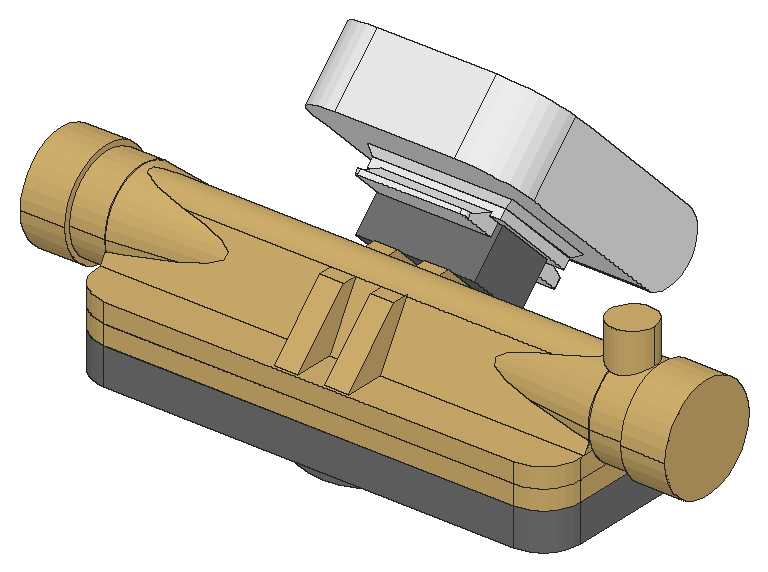
Revit family "SonoMeter40_DN25_RFA", category Pipe Accessories, Revit 2017
Family settings
  Round Connector Dimension = Use Diameter
  Part Type = Valve - Breaks Into
  Work Plane-Based = No
  Always vertical = Yes
  Cut with Voids When Loaded = No
  Shared = No
Parameters (values of type "SonoMeter40_DN25_G1¼_Kvs11.67_260mm")
  Weight = 3.20 kg
  URL = "https://store.danfoss.com/en/Climate-Solutions-for-heating/Energy-Meters/Energy-meters/SonoMeter-40/c/13141"
  Pressure Drop [instance] = 0.0 Pa
  Operation Pressure = "PN25"  # constant formula
  Nominal Flow = "3.5 m3/h"
  Model Type = "SonoMeter40_DN25_G1¼_Kvs11.67_260mm"
  Model = "SonoMeter 40"  # constant formula
  Min Flow = "0.035 m3/h"
  Max Flow = "7 m3/h"
  Manufacturer = "Danfoss"  # constant formula
  Lnut = 20 mm
  LOD 350 = not(LOD 200)  # yes
  LOD 200 = no
  L9 = 24 mm
  L8 = 9.6 mm
  L7 = 30 mm
  L3 = 83.7 mm
  L6 = 21.6 mm
  L5 = 15 mm
  L4 = 18 mm
  L2-1 = 57.3 mm
  L2 = 361 mm
  L1-1 = 18.8 mm
  L1 = 281 mm
  L-1 = 11.3 mm
  L = 260 mm
  Kvs = 11.67 m³/h
  IfcExportType = "SonoMeter 40"  # constant formula
  IfcExportAs = "IfcValveType"  # constant formula
  H = 68.6 mm
  Flow [instance] = 0.0 m³/h
  Description = "Energy Meter"  # constant formula
  D6 = 35.5 mm
  D5 = 49 mm
  D4 = 34 mm
  D3 = 33.3 mm
  D2 = 41.9 mm
  D1 = 38 mm
  D = 25 mm
  Connection = "G1¼B"
  Body Material = Danfoss Brass
  A_H1 = 39.9 mm
  A_H = 79 mm
  A = 45.00°
Types (3, lengths in mm): name | Nominal Flow | Model Type | Min Flow | Max Flow | Kvs
  (no name) | "3.5 m3/h" | "SonoMeter40_DN25_G1¼_Kvs11.67_260mm" | "0.035 m3/h" | "7 m3/h" | 11.67 m³/h
  SonoMeter40_DN25_G1¼_Kvs11.67_260mm | "3.5 m3/h" | "SonoMeter40_DN25_G1¼_Kvs11.67_260mm" | "0.035 m3/h" | "7 m3/h" | 11.67 m³/h
  SonoMeter40_DN25_G1¼_Kvs18.97_260mm | "6.0 m3/h" | "SonoMeter40_DN25_G1¼_Kvs18.97_260mm" | "0.06 m3/h" | "12 m3/h" | 18.97 m³/h
Reference planes
  plane 1 "Center (Front/Back)": y = 0
  plane 2: z = 0
  plane 3 "Center (Left/Right)": x = 0
  plane 4: z = -19
  plane 5 "Ref-1": z = 19
  plane 6: y = -19
  plane 7: y = 19
  plane 8: x = -112
  plane 9: y = 0
  plane 10: y = -24.5
  plane 11: y = 24.5
  plane 12: z = -24.5
  plane 13: z = 24.5
  plane 14: x = -120.5
  plane 15: x = 120.5
  plane 16: x = 112
  plane 17: x = -130
  plane 18: x = 130
  plane 19: x = 15
  plane 20: x = 24
  plane 21 "Angle 45-B": through (4267.2, 0, 0) normal (0, -0.7071, 0.7071)
  plane 22 "Angle 45-A": through (4267.2, 0, 0) normal (0, -0.7071, -0.7071)
  plane 23: z = 9.7
  plane 24: z = -8.6
  plane 25: x = -15
  plane 26 "Right_1": x = -5.4
  plane 27: x = 5.4
  plane 28: x = -97.5
  plane 29: x = 97.5
  plane 30: y = -38
  plane 31: y = 38
  plane 32: z = -16.6
  plane 33: z = -24.6
  plane 34: z = -39.6
  plane 35: z = -47.1
  plane 36: y = 5.3
  plane 37: z = -57.6
  plane 38: x = 100
  plane 39 "Angle 45-B1": through (4267.2, 12.728, -12.728) normal (0, -0.7071, 0.7071)
  plane 40: through (4267.2, 28.214, 28.214) normal (0, -0.7071, -0.7071)
  plane 41: x = -24
  plane 42: through (4267.2, 55.861, 55.861) normal (0, -0.7071, -0.7071)
  plane 43: z = 68.6
  plane 44: y = 94.056
Forms (mm)
  Extrusion 1, solid, material "Danfoss Brass" <- "Body Material", visible <- "LOD 350", detail levels fine
    sketch origin (0, 0, 0) x (0, 1, 0) y (0, 0, 1)
      loop
        circle (0, 0) r 20.95
    from -130 to -112
  Extrusion 2, solid, material "Danfoss Brass" <- "Body Material", visible <- "LOD 350", detail levels fine
    sketch origin (0, 0, 0) x (0, 1, 0) y (0, 0, 1)
      loop
        circle (0, 0) r 20.95
    from 112 to 130
  Extrusion 3, solid, material "Danfoss Brass" <- "Body Material", visible <- "LOD 350", detail levels fine
    sketch origin (0, 0, 1.947) x (0, 1, 0) y (0, 0, 1)
      loop
        line (-13.75, 12.353) -> (-36.65, -10.547) -> (36.65, -10.547) -> (13.75, 12.353) -> (-13.75, 12.353)
    from -5.4 to -15
  Blend 4, solid, material "Danfoss Brass" <- "Body Material", visible <- "LOD 350", detail levels fine
    base sketch origin (0, 0, 0) x (0, 1, 0) y (0, 0, 1)
      loop
        circle (0, 0) r 19
    top sketch origin (0, 0, 0) x (0, 1, 0) y (0, 0, 1)
      loop
        circle (0, 0) r 7.5
    from -97.5 to 0
  Blend 5, solid, material "Danfoss Brass" <- "Body Material", visible <- "LOD 350", detail levels fine
    base sketch origin (0, 0, 0) x (0, 1, 0) y (0, 0, -1)
      loop
        circle (0, 0) r 19
    top sketch origin (0, 0, 0) x (0, 1, 0) y (0, 0, -1)
      loop
        circle (0, 0) r 7.5
    from -97.5 to 0
  Extrusion 6, solid, material "Danfoss Brass" <- "Body Material", visible <- "LOD 350", detail levels fine
    sketch origin (0, 0, 0) x (0, 1, 0) y (0, 0, 1)
      loop
        line (-20.956, -8.6) -> (20.573, -8.6) -> (6.294, 16.133)
        arc (6.294, 16.133) -> (-1.223, 18.616) -> (-7.794, 14.2) r 9
        line (-7.794, 14.2) -> (-20.956, -8.6)
    from -97.5 to 97.5
  Extrusion 7, solid, material "Danfoss Brass" <- "Body Material", visible <- "LOD 350", detail levels fine
    sketch origin (0, 0, 1.947) x (0, 1, 0) y (0, 0, -1)
      loop
        line (-13.75, -12.353) -> (13.75, -12.353) -> (36.65, 10.547) -> (-36.65, 10.547) -> (-13.75, -12.353)
    from -5.4 to -15
  Extrusion 8, solid, material "Danfoss Brass" <- "Body Material", detail levels fine
    sketch origin (0, 0, 0) x (1, 0, 0) y (0, 1, 0)
      loop
        arc (-82.5, 38) -> (-93.107, 33.607) -> (-97.5, 23) r 15
        line (-97.5, 23) -> (-97.5, -23)
        arc (-97.5, -23) -> (-93.107, -33.607) -> (-82.5, -38) r 15
        line (-82.5, -38) -> (82.5, -38)
        arc (82.5, -38) -> (93.107, -33.607) -> (97.5, -23) r 15
        line (97.5, -23) -> (97.5, 23)
        arc (97.5, 23) -> (93.107, 33.607) -> (82.5, 38) r 15
        line (82.5, 38) -> (-82.5, 38)
    from -8.6 to -16.6
  Extrusion 9, solid, material "Danfoss Brass" <- "Body Material", detail levels fine
    sketch origin (0, 0, 0) x (1, 0, 0) y (0, 1, 0)
      loop
        arc (-82.5, 38) -> (-93.107, 33.607) -> (-97.5, 23) r 15
        line (-97.5, 23) -> (-97.5, -23)
        arc (-97.5, -23) -> (-93.107, -33.607) -> (-82.5, -38) r 15
        line (-82.5, -38) -> (82.5, -38)
        arc (82.5, -38) -> (93.107, -33.607) -> (97.5, -23) r 15
        line (97.5, -23) -> (97.5, 23)
        arc (97.5, 23) -> (93.107, 33.607) -> (82.5, 38) r 15
        line (82.5, 38) -> (-82.5, 38)
    from -16.6 to -24.5
  Extrusion 10, solid, material "Danfoss Plastic Dark Gray", detail levels fine
    sketch origin (0, 0, 0) x (1, 0, 0) y (0, 1, 0)
      loop
        arc (-82.5, 38) -> (-93.107, 33.607) -> (-97.5, 23) r 15
        line (-97.5, 23) -> (-97.5, -23)
        arc (-97.5, -23) -> (-93.107, -33.607) -> (-82.5, -38) r 15
        line (-82.5, -38) -> (82.5, -38)
        arc (82.5, -38) -> (93.107, -33.607) -> (97.5, -23) r 15
        line (97.5, -23) -> (97.5, 23)
        arc (97.5, 23) -> (93.107, 33.607) -> (82.5, 38) r 15
        line (82.5, 38) -> (-82.5, 38)
    from -24.5 to -39.6
  Extrusion 11, solid, material "Danfoss Plastic Dark Gray", detail levels fine
    sketch origin (0, 0, 0) x (1, 0, 0) y (0, 1, 0)
      loop
        circle (0, 0) r 31
    from -39.6 to -47.1
  Extrusion 12, solid, material "Danfoss Plastic Black", detail levels fine
    sketch origin (0, 0, 0) x (1, 0, 0) y (0, 1, 0)
      loop
        circle (-5.4, 5.3) r 4.5
    from -47.1 to -57.6
  Extrusion 13, solid, material "Danfoss Brass" <- "Body Material", visible <- "LOD 350", detail levels fine
    sketch origin (0, 0, 0) x (1, 0, 0) y (0, 1, 0)
      loop
        circle (100, 0) r 9
    from 0 to 32.9
  Extrusion 14, solid, material "Danfoss Plastic Dark Gray", detail levels fine
    sketch origin (0, 0, 0) x (0, 1, 0) y (0, 0, 1)
      loop
        line (37.713, -9.663) -> (51.902, 4.525) -> (29.981, 26.446) -> (15.793, 12.257) -> (37.713, -9.663)
    from -24 to 24
  Extrusion 15, solid, material "Danfoss Brass" <- "Body Material", visible <- "LOD 350", detail levels fine
    sketch origin (0, 0, 0) x (0, 1, 0) y (0, 0, 1)
      loop
        circle (0, 0) r 19
    from -112 to -97.5
  Extrusion 16, solid, material "Danfoss Brass" <- "Body Material", visible <- "LOD 350", detail levels fine
    sketch origin (0, 0, 0) x (0, 1, 0) y (0, 0, -1)
      loop
        circle (0, 0) r 19
    from -112 to -97.5
  Extrusion 17, solid, material "Danfoss Brass" <- "Body Material", visible <- "LOD 200", detail levels fine
    sketch origin (0, 0, 0) x (0, 1, 0) y (0, 0, 1)
      loop
        circle (0, 0) r 19
    from -130 to 130
  Extrusion 18, solid, material "Danfoss Brass" <- "Body Material", visible <- "LOD 200", detail levels fine
    sketch origin (0, 0, 0) x (0, 1, 0) y (0, 0, 1)
      loop
        line (-13.75, 14.3) -> (-36.65, -8.6) -> (36.65, -8.6) -> (13.75, 14.3) -> (-13.75, 14.3)
    from -15 to 15
Dimensions and locks
  equal spacing: plane 5 "Ref-1", level, plane 4
  "D1": plane 5 "Ref-1" to plane 4
  equal spacing: plane 6, plane 1 "Center (Front/Back)", plane 7
  "D1": plane 6 to plane 7
  equal spacing: plane 10, plane 1 "Center (Front/Back)", plane 11
  equal spacing: plane 13, level, plane 12
  "D5": plane 13 to plane 12
  "D5": plane 10 to plane 11
  "L": plane 18 to plane 17
  "L4": plane 8 to plane 17
  "L4": plane 18 to plane 16
  locked: Extrusion 3 sketch curve to plane 2 at 14.3
  equal spacing: plane 18, plane 3 "Center (Left/Right)", plane 17
  plane 23 to level = 9.7 mm
  locked: plane 2 to plane 24 at 8.6
  "L7": plane 19 to plane 25
  equal spacing: plane 19, plane 3 "Center (Left/Right)", plane 25
  equal spacing: Extrusion 3 sketch curve, plane 9, Extrusion 3 sketch curve
  locked: Extrusion 3 sketch curve to Extrusion 3 sketch curve at 27.5
  "L8": plane 26 "Right_1" to plane 25
  "L8": plane 19 to plane 27
  equal spacing: plane 28, plane 3 "Center (Left/Right)", plane 29
  locked: plane 28 to plane 29 at 195
  equal spacing: plane 30, plane 9, plane 31
  locked: plane 30 to plane 31 at 76
  locked: plane 24 to plane 32 at 8
  locked: plane 32 to plane 33 at 8
  locked: plane 33 to plane 34 at 15
  locked: plane 34 to plane 35 at 7.5
  locked: plane 1 "Center (Front/Back)" to plane 36 at 5.3
  plane 35 to plane 37 = 10.5 mm
  locked: plane 3 "Center (Left/Right)" to plane 38 at 100
  locked: plane 21 "Angle 45-B" to plane 39 "Angle 45-B1" at 18
  "A_H1": plane 22 "Angle 45-A" to plane 40
  equal spacing: plane 41, plane 3 "Center (Left/Right)", plane 20
  "L9": plane 41 to plane 3 "Center (Left/Right)"
  locked: Extrusion 14 sketch curve to Extrusion 14 sketch curve at 31
  locked: plane 39 "Angle 45-B1" to Extrusion 14 sketch curve at 15.5
  equal spacing: Extrusion 7 sketch curve, plane 9, Extrusion 7 sketch curve
  locked: Extrusion 7 sketch curve to plane 2 at 14.3
  locked: Extrusion 7 sketch curve to Extrusion 7 sketch curve at 27.5
  "A_H": plane 22 "Angle 45-A" to plane 42
  "H": plane 43 to plane 2
  "D2": diameter of Extrusion 1 sketch curve
  "D2": diameter of Extrusion 2 sketch curve
  "D1": diameter of Blend 4 sketch curve
  diameter of Blend 4 sketch curve = 15 mm
  "D1": diameter of Blend 5 sketch curve
  diameter of Blend 5 sketch curve = 15 mm
  radius of Extrusion 6 sketch curve = 9 mm
  radius of Extrusion 8 sketch curve = 15 mm  (x4)
  radius of Extrusion 11 sketch curve = 31 mm
  diameter of Extrusion 12 sketch curve = 9 mm
  radius of Extrusion 13 sketch curve = 9 mm
  "D1": diameter of Extrusion 15 sketch curve
  "D1": diameter of Extrusion 16 sketch curve
  "D1": diameter of Extrusion 17 sketch curve
  angle plane 2 to plane 21 "Angle 45-B" = 45.00°
  locked: plane 21 "Angle 45-B" to plane 22 "Angle 45-A" (angle 90.00°)
  angle plane 24 to Extrusion 6 sketch curve = 60.0033°
  angle Extrusion 6 sketch curve to plane 24 = 60.0017°
  angle plane 24 to Extrusion 3 sketch curve = 45.00°
  angle Extrusion 3 sketch curve to plane 24 = 45.00°
  angle Extrusion 7 sketch curve to Extrusion 8 = 45.00°
  angle plane 24 to Extrusion 7 sketch curve = 45.00°
  aligned and locked: level to plane 2
  aligned and locked: plane 8 to Extrusion 1
  aligned and locked: Extrusion 2 to plane 16
  aligned and locked: Extrusion 1 to plane 17
  aligned and locked: plane 18 to Extrusion 2
  aligned and locked: plane 3 "Center (Left/Right)" to Blend 4
  aligned and locked: Blend 5 to plane 3 "Center (Left/Right)"
  aligned and locked: Extrusion 6 sketch curve to plane 24
  aligned and locked: plane 24 to Extrusion 3 sketch curve
  aligned and locked: Extrusion 3 to plane 25
  aligned and locked: plane 26 "Right_1" to Extrusion 3
  aligned and locked: plane 19 to Extrusion 7
  aligned and locked: Extrusion 7 to plane 27
  aligned and locked: plane 31 to Extrusion 8 sketch curve
  aligned and locked: plane 28 to Extrusion 8 sketch curve
  aligned and locked: Extrusion 8 sketch curve to plane 30
  aligned and locked: Extrusion 8 sketch curve to plane 29
  aligned and locked: Extrusion 3 to Extrusion 8
  aligned and locked: Extrusion 8 to plane 32
  aligned and locked: Extrusion 9 sketch curve to Extrusion 8  (x4)
  aligned and locked: Extrusion 8 to Extrusion 9
  aligned and locked: Extrusion 10 sketch curve to Extrusion 8  (x4)
  aligned and locked: Extrusion 10 to plane 34
  aligned and locked: Extrusion 11 to plane 34
  aligned and locked: Extrusion 11 to plane 35
  aligned and locked: Extrusion 12 to plane 35
  aligned and locked: Extrusion 12 to plane 37
  aligned and locked: Extrusion 14 sketch curve to plane 40
  aligned and locked: Extrusion 14 sketch curve to Extrusion 7
  aligned and locked: Blend 4 to plane 28
  aligned and locked: plane 29 to Blend 5
  aligned and locked: Extrusion 15 to plane 8
  aligned and locked: Extrusion 15 to Blend 4
  aligned and locked: plane 16 to Extrusion 16
  aligned and locked: Extrusion 16 to Blend 5
  aligned and locked: Blend 4 to Extrusion 6
  aligned and locked: Blend 5 to Extrusion 6
  aligned and locked: Extrusion 18 sketch curve to Extrusion 7  (x2)
  aligned and locked: Extrusion 18 sketch curve to Extrusion 14
  aligned and locked: Extrusion 8 to Extrusion 18 sketch curve
  aligned and locked: Extrusion 18 to Extrusion 3
  aligned and locked: plane 19 to Extrusion 18
  aligned and locked: plane 26 "Right_1" to Extrusion 12 sketch curve
  aligned and locked: plane 36 to Extrusion 12 sketch curve
  aligned and locked: Extrusion 1 to Extrusion 17
  aligned and locked: Extrusion 2 to Extrusion 17
  aligned and locked: plane 3 "Center (Left/Right)" to nested 1
  aligned and locked: nested 1 to plane 39 "Angle 45-B1"
  aligned and locked: nested 1 to plane 40
  aligned and locked: plane 17 to nested 2
Automatic sketch dimensions
  Blend 4 sketch curve to level = 0 mm  (x2)
  Blend 4 sketch curve to plane 1 "Center (Front/Back)" = 0 mm  (x2)
  Blend 5 sketch curve to level = 0 mm  (x2)
  Blend 5 sketch curve to plane 1 "Center (Front/Back)" = 0 mm  (x2)
  Extrusion 6 sketch curve to plane 1 "Center (Front/Back)" = 0 mm
  Extrusion 6 sketch curve to plane 23 = 0 mm
  Extrusion 6 sketch curve to plane 36 = 0.994 mm
  Extrusion 7 sketch curve to plane 24 = 0 mm
  plane 1 "Center (Front/Back)" to Extrusion 11 sketch curve = 0 mm
  Extrusion 11 sketch curve to plane 3 "Center (Left/Right)" = 0 mm
  plane 1 "Center (Front/Back)" to Extrusion 13 sketch curve = 0 mm
  Extrusion 13 sketch curve to plane 38 = 0 mm
  plane 23 to Extrusion 6 sketch curve = 4.5 mm
  Extrusion 1 sketch curve to level = 0 mm
  Extrusion 1 sketch curve to plane 1 "Center (Front/Back)" = 0 mm
  Extrusion 2 sketch curve to level = 0 mm
  Extrusion 2 sketch curve to plane 1 "Center (Front/Back)" = 0 mm
  Extrusion 15 sketch curve to level = 0 mm
  Extrusion 15 sketch curve to plane 1 "Center (Front/Back)" = 0 mm
  Extrusion 16 sketch curve to level = 0 mm
  Extrusion 16 sketch curve to plane 1 "Center (Front/Back)" = 0 mm
  Extrusion 17 sketch curve to level = 0 mm
  Extrusion 17 sketch curve to plane 1 "Center (Front/Back)" = 0 mm
Nested families
  nested 1: "SonoMeter40_body" at (0, 21.142, -4.313) x (-1, 0, 0) z (0, 0.7071, 0.7071), type "SonoMeter40", detail levels fine
  nested 2: "Schematic_Energy Meter" at (0, 0, 0), type "Schematic_Energy Meter", detail levels coarse+medium
Connectors
  piping at (-130, 0, 0), diameter 25, driven by "D", driven by "Flow"
    settings: on Extrusion 1, index 2, connector inside diameter 609.6 mm, connector length 0 mm, flow factor 0, pipe flow 0.0 m³/h, pressure drop 0.0 Pa, fitting loss kfactor 0, connector angle 0.00°, fixture units 0, engagement length 0 mm, angle of deflection 0.00°, flow configuration 0, flow direction 0, fitting loss method 0, system type 29, joint type 0, gender type 0, connector reference index 3, connector utility 0, adjustable connector no, is connector primary yes, connector description ""
  piping at (130, 0, 0), diameter 25, driven by "D", driven by "Flow"
    settings: on Extrusion 2, index 3, connector inside diameter 609.6 mm, connector length 0 mm, flow factor 0, pipe flow 0.0 m³/h, pressure drop 0.0 Pa, fitting loss kfactor 0, connector angle 0.00°, fixture units 0, engagement length 0 mm, angle of deflection 0.00°, flow configuration 0, flow direction 0, fitting loss method 0, system type 29, joint type 0, gender type 0, connector reference index 2, connector utility 0, adjustable connector no, is connector primary no, connector description ""
Definition of nested family "SonoMeter40_body"
  Parameters (values of type "SonoMeter40")
    W = 115.5 mm
    URL = ""
    Model Type = "SonoMeter 40"  # constant formula
    Model = ""
    Manufacturer = "Danfoss"  # constant formula
    LOD 350 = not(LOD 200)  # yes
    LOD 200 = no
    L = 89 mm
    IfcExportType = "SonoMeter 40"  # constant formula
    IfcExportAs = "IfcValveType"  # constant formula
    H2 = 30 mm
    H1 = 35.2 mm
    H = 65.2 mm
    Description = "Flow Meter"  # constant formula
  Reference planes
    plane 1 "Center (Front/Back)": y = 0
    plane 2: z = 0
    plane 3 "Center (Left/Right)": x = 0
    plane 4 "Ref-4": z = 65.2
    plane 5: x = -44.5
    plane 6: x = 44.5
    plane 7: y = 57.6
    plane 8: y = -57.9
    plane 9 "Ref-2": z = 35.2
    plane 10: y = -52.8
    plane 11: x = -34
    plane 12: x = 34
    plane 13: x = -22
    plane 14: x = 22
    plane 15 "Ref-1": z = 56.3
    plane 16: y = -9.9
    plane 17: x = -18.5
    plane 18: x = 15.1
    plane 19: z = 32.1
    plane 20: z = 28
    plane 21: z = 23
    plane 22: y = -40.8
    plane 23: y = 35.2
    plane 24: z = 29.6
    plane 25: y = -33.8
    plane 26: y = -22.5
    plane 27: y = 32.3
  Forms (mm)
    Extrusion 1, solid, visible <- "LOD 350"
      sketch origin (0, 0, 0) x (0, 1, 0) y (0, 0, 1)
        loop
          arc (-42.9, 65.2) -> (-57.9, 50.2) -> (-42.9, 35.2) r 15
          line (-42.9, 35.2) -> (57.6, 35.2) -> (57.6, 65.2) -> (-42.9, 65.2)
      from -44.5 to 44.5
    Extrusion 2, void
      sketch origin (0, 0, 63) x (-1, 0, 0) y (0, -1, 0)
        loop
          arc (-24, -57.6) -> (-38.496, -51.596) -> (-44.5, -37.1) r 20.5
          line (-44.5, -37.1) -> (-44.5, -27.6) -> (-54.5, -27.6) -> (-54.5, -67.6) -> (54.5, -67.6) -> (54.5, -27.6) -> (44.5, -27.6) -> (44.5, -37.1)
          arc (44.5, -37.1) -> (38.496, -51.596) -> (24, -57.6) r 20.5
          line (24, -57.6) -> (-24, -57.6)
      from -27.8 to 2.2
    Extrusion 3, void
      sketch origin (0, 0, 63) x (-1, 0, 0) y (0, -1, 0)
        loop
          line (-30, 52.8) -> (30, 52.8)
          arc (30, 52.8) -> (32.828, 53.972) -> (34, 56.8) r 4
          line (34, 56.8) -> (34, 62.9) -> (-34, 62.9) -> (-34, 56.8)
          arc (-34, 56.8) -> (-32.828, 53.972) -> (-30, 52.8) r 4
      from -38.023 to 8.089
    Revolve 4, solid
      sketch origin (0, 0, 56.3) x (-1, 0, 0) y (0, -1, 0)
        loop
          line (0, 52.8) -> (4, 52.8)
          arc (4, 52.8) -> (3.473, 54.073) -> (2.2, 54.6) r 1.8
          line (2.2, 54.6) -> (0, 54.6) -> (0, 52.8)
        axis (0, 52.8) -> (0, 54.6)
      angle from 0 to 360
    Revolve 5, solid
      sketch origin (-22, 0, 56.3) x (-1, 0, 0) y (0, -1, 0)
        loop
          line (0, 52.8) -> (4, 52.8)
          arc (4, 52.8) -> (3.473, 54.073) -> (2.2, 54.6) r 1.8
          line (2.2, 54.6) -> (0, 54.6) -> (0, 52.8)
        axis (0, 52.8) -> (0, 54.6)
      angle from 0 to 360
    Revolve 6, solid
      sketch origin (-11, 0, 56.3) x (-1, 0, 0) y (0, -1, 0)
        loop
          line (0, 52.8) -> (4, 52.8)
          arc (4, 52.8) -> (3.473, 54.073) -> (2.2, 54.6) r 1.8
          line (2.2, 54.6) -> (0, 54.6) -> (0, 52.8)
        axis (0, 52.8) -> (0, 54.6)
      angle from 0 to 360
    Revolve 7, solid
      sketch origin (22, 0, 56.3) x (-1, 0, 0) y (0, -1, 0)
        loop
          line (0, 52.8) -> (4, 52.8)
          arc (4, 52.8) -> (3.473, 54.073) -> (2.2, 54.6) r 1.8
          line (2.2, 54.6) -> (0, 54.6) -> (0, 52.8)
        axis (0, 52.8) -> (0, 54.6)
      angle from 0 to 360
    Revolve 8, solid
      sketch origin (11, 0, 56.3) x (-1, 0, 0) y (0, -1, 0)
        loop
          line (0, 52.8) -> (4, 52.8)
          arc (4, 52.8) -> (3.473, 54.073) -> (2.2, 54.6) r 1.8
          line (2.2, 54.6) -> (0, 54.6) -> (0, 52.8)
        axis (0, 52.8) -> (0, 54.6)
      angle from 0 to 360
    Extrusion 9, void
      sketch origin (0, 0, 65.2) x (-1, 0, 0) y (0, -1, 0)
        loop
          arc (25, -42.1) -> (26.414, -41.514) -> (27, -40.1) r 2
          line (27, -40.1) -> (27, -25.1)
          arc (27, -25.1) -> (26.414, -23.686) -> (25, -23.1) r 2
          line (25, -23.1) -> (-25, -23.1)
          arc (-25, -23.1) -> (-26.414, -23.686) -> (-27, -25.1) r 2
          line (-27, -25.1) -> (-27, -40.1)
          arc (-27, -40.1) -> (-26.414, -41.514) -> (-25, -42.1) r 2
          line (-25, -42.1) -> (25, -42.1)
      from -1 to 5
    Extrusion 10, solid, visible <- "LOD 350"
      sketch origin (0, 0, 65.2) x (-1, 0, 0) y (0, -1, 0)
        loop
          arc (25, -42.1) -> (26.414, -41.514) -> (27, -40.1) r 2
          line (27, -40.1) -> (27, -25.1)
          arc (27, -25.1) -> (26.414, -23.686) -> (25, -23.1) r 2
          line (25, -23.1) -> (-25, -23.1)
          arc (-25, -23.1) -> (-26.414, -23.686) -> (-27, -25.1) r 2
          line (-27, -25.1) -> (-27, -40.1)
          arc (-27, -40.1) -> (-26.414, -41.514) -> (-25, -42.1) r 2
          line (-25, -42.1) -> (25, -42.1)
      from -2 to -0.5
    Extrusion 11, void
      sketch origin (0, 0, 65.2) x (-1, 0, 0) y (0, -1, 0)
        loop
          arc (1.809, 8.1) -> (35.288, 9.9) -> (1.809, 11.7) r 16.788
          line (1.809, 11.7) -> (-7.321, 11.7)
          arc (-7.321, 11.7) -> (-23.085, 9.9) -> (-7.321, 8.1) r 7.985
          line (-7.321, 8.1) -> (1.809, 8.1)
      from -0.5 to 0.5
    Extrusion 12, solid, visible <- "LOD 350"
      sketch origin (0, 0, 65.2) x (-1, 0, 0) y (0, -1, 0)
        loop
          circle (-15.1, 9.9) r 6
      from -1 to 0
    Blend 13, solid, visible <- "LOD 350"
      base sketch origin (0, 0, 35.2) x (-1, 0, 0) y (0, -1, 0)
        loop
          line (-29.3, 25) -> (-29.3, -25) -> (29.3, -25) -> (29.3, 25) -> (-29.3, 25)
      top sketch origin (0, 0, 35.2) x (-1, 0, 0) y (0, -1, 0)
        loop
          line (-26.8, -22.5) -> (26.8, -22.5) -> (26.8, 22.5) -> (-26.8, 22.5) -> (-26.8, -22.5)
      from 0 to -3.1
    Extrusion 14, solid, visible <- "LOD 350"
      sketch origin (0, 0, 35.2) x (-1, 0, 0) y (0, -1, 0)
        loop
          line (26.8, 22.5) -> (-26.8, 22.5) -> (-26.8, -22.5) -> (26.8, -22.5) -> (26.8, 22.5)
      from -3.1 to -7.2
    Extrusion 15, solid, visible <- "LOD 350"
      sketch origin (0, 0, 35.2) x (-1, 0, 0) y (0, -1, 0)
        loop
          line (-20.1, 14.9) -> (20.1, 14.9) -> (20.1, 32.8)
          arc (20.1, 32.8) -> (19.807, 33.507) -> (19.1, 33.8) r 1
          line (19.1, 33.8) -> (6, 33.8)
          arc (6, 33.8) -> (5.293, 34.093) -> (5, 34.8) r 1
          line (5, 34.8) -> (5, 39.8)
          arc (5, 39.8) -> (4.707, 40.507) -> (4, 40.8) r 1
          line (4, 40.8) -> (-4, 40.8)
          arc (-4, 40.8) -> (-4.707, 40.507) -> (-5, 39.8) r 1
          line (-5, 39.8) -> (-5, 34.8)
          arc (-5, 34.8) -> (-5.293, 34.093) -> (-6, 33.8) r 1
          line (-6, 33.8) -> (-19.1, 33.8)
          arc (-19.1, 33.8) -> (-19.807, 33.507) -> (-20.1, 32.8) r 1
          line (-20.1, 32.8) -> (-20.1, 14.9)
      from -3.1 to -12.2
    Extrusion 16, solid, visible <- "LOD 350"
      sketch origin (0, 0, 35.2) x (-1, 0, 0) y (0, -1, 0)
        loop
          line (22.5, -16.7) -> (-22.5, -16.7) -> (-22.5, -33.2)
          arc (-22.5, -33.2) -> (-21.914, -34.614) -> (-20.5, -35.2) r 2
          line (-20.5, -35.2) -> (20.5, -35.2)
          arc (20.5, -35.2) -> (21.914, -34.614) -> (22.5, -33.2) r 2
          line (22.5, -33.2) -> (22.5, -16.7)
      from -3.1 to -12.2
    Extrusion 17, void
      sketch origin (0, 0, 0) x (0, 1, 0) y (0, 0, 1)
        loop
          line (-40.8, 26.5) -> (-33.8, 26.5) -> (-22.5, 29.6) -> (-22.5, 32.1) -> (-40.8, 32.1) -> (-40.8, 26.5)
        loop
          line (32.3, 24.9) -> (35.2, 24.9) -> (35.2, 32.1) -> (22.5, 32.1) -> (22.5, 29.6) -> (32.3, 24.9)
      from -34 to 34
    Extrusion 18, solid, visible <- "LOD 200"
      sketch origin (0, 0, 35.2) x (-1, 0, 0) y (0, -1, 0)
        loop
          line (-44.5, -57.6) -> (44.5, -57.6) -> (44.5, 57.9) -> (-44.5, 57.9) -> (-44.5, -57.6)
      from 0 to 30
    Extrusion 19, solid, visible <- "LOD 200"
      sketch origin (0, 0, 0) x (0, 1, 0) y (0, 0, 1)
        loop
          line (22.5, 29.6) -> (22.5, 35.2) -> (-22.5, 35.2) -> (-22.5, 29.6) -> (-40.8, 29.6) -> (-40.8, 23) -> (35.2, 23) -> (35.2, 29.6) -> (22.5, 29.6)
      from -26.8 to 26.8
  Cuts and joins
    Extrusion 2, Extrusion 3, Extrusion 9, Extrusion 11 cuts Extrusion 1
    Extrusion 17 cuts Extrusion 14
    Extrusion 17 cuts Extrusion 15
    Extrusion 17 cuts Extrusion 16
    joined: Extrusion 14, Extrusion 15, Extrusion 16
  Dimensions and locks
    "H": plane 4 "Ref-4" to level
    "W": plane 8 to plane 7
    equal spacing: plane 6, plane 3 "Center (Left/Right)", plane 5
    "L": plane 6 to plane 5
    "H1": plane 9 "Ref-2" to plane 2
    locked: plane 8 to plane 1 "Center (Front/Back)" at 57.9
    locked: plane 8 to Extrusion 1 sketch curve at 15
    locked: plane 7 to Extrusion 2 sketch curve at 10
    locked: Extrusion 2 sketch curve to plane 7 at 30
    equal spacing: plane 11, plane 3 "Center (Left/Right)", plane 12
    plane 11 to plane 12 = 68 mm
    locked: plane 8 to plane 10 at 5.1
    plane 8 to Extrusion 3 sketch curve = 5 mm
    equal spacing: plane 13, plane 3 "Center (Left/Right)", plane 14
    locked: plane 13 to plane 3 "Center (Left/Right)" at 22
    equal spacing: group 2, group 3, group 1
    equal spacing: group 1, group 3, group 2  (x2)
    locked: Extrusion 9 sketch curve to plane 7 at 15.5
    equal spacing: Extrusion 9 sketch curve, plane 3 "Center (Left/Right)", Extrusion 9 sketch curve
    Extrusion 9 sketch curve to Extrusion 9 sketch curve = 54 mm
    locked: Extrusion 9 sketch curve to Extrusion 9 sketch curve at 19
    locked: plane 4 "Ref-4" to plane 15 "Ref-1" at 8.9
    locked: plane 16 to plane 1 "Center (Front/Back)" at 9.9
    locked: plane 17 to plane 3 "Center (Left/Right)" at 18.5
    locked: plane 17 to plane 18 at 33.6
    equal spacing: Extrusion 11 sketch curve, plane 16, Extrusion 11 sketch curve
    Extrusion 11 sketch curve to Extrusion 11 sketch curve = 3.6 mm
    equal spacing: Blend 13 sketch curve, plane 1 "Center (Front/Back)", Blend 13 sketch curve  (x2)
    Blend 13 sketch curve to Blend 13 sketch curve = 50 mm
    equal spacing: Blend 13 sketch curve, plane 3 "Center (Left/Right)", Blend 13 sketch curve  (x2)
    Blend 13 sketch curve to Blend 13 sketch curve = 58.6 mm
    Blend 13 sketch curve to Blend 13 sketch curve = 45 mm
    Blend 13 sketch curve to Blend 13 sketch curve = 53.6 mm
    locked: plane 9 "Ref-2" to plane 19 at 3.1
    locked: plane 19 to plane 20 at 4.1
    equal spacing: Extrusion 15 sketch curve, plane 3 "Center (Left/Right)", Extrusion 15 sketch curve
    locked: Extrusion 15 sketch curve to Extrusion 15 sketch curve at 40.2
    Extrusion 15 sketch curve to Extrusion 15 sketch curve = 18.9 mm
    locked: Extrusion 15 sketch curve to plane 1 "Center (Front/Back)" at 14.9
    locked: plane 20 to plane 21 at 5
    locked: plane 1 "Center (Front/Back)" to Extrusion 16 sketch curve at 16.7
    equal spacing: Extrusion 16 sketch curve, plane 3 "Center (Left/Right)", Extrusion 16 sketch curve
    locked: Extrusion 16 sketch curve to Extrusion 16 sketch curve at 45
    locked: plane 22 to plane 1 "Center (Front/Back)" at 40.8
    locked: plane 22 to plane 23 at 76
    locked: plane 24 to plane 20 at 1.6
    locked: plane 22 to plane 25 at 7
    Extrusion 17 sketch curve to plane 21 = 3.5 mm
    locked: plane 27 to plane 23 at 2.9
    locked: plane 21 to Extrusion 17 sketch curve at 1.9
    radius of Extrusion 1 sketch curve = 15 mm
    radius of Extrusion 2 sketch curve = 20.5 mm  (x2)
    radius of Extrusion 3 sketch curve = 4 mm  (x2)
    radius of Revolve 4 sketch curve = 1.8 mm
    radius of Revolve 5 sketch curve = 1.8 mm
    radius of Revolve 6 sketch curve = 1.8 mm
    radius of Revolve 7 sketch curve = 1.8 mm
    radius of Revolve 8 sketch curve = 1.8 mm
    radius of Extrusion 9 sketch curve = 2 mm  (x4)
    radius of Extrusion 11 sketch curve = 7.985 mm
    radius of Extrusion 11 sketch curve = 16.788 mm
    radius of Extrusion 12 sketch curve = 6 mm
    radius of Extrusion 15 sketch curve = 1 mm  (x6)
    radius of Extrusion 16 sketch curve = 2 mm  (x2)
    aligned and locked: level to plane 2
    aligned and locked: Extrusion 1 sketch curve to plane 9 "Ref-2"
    aligned and locked: Extrusion 1 sketch curve to plane 7
    aligned and locked: Extrusion 1 to plane 5
    aligned and locked: plane 6 to Extrusion 1
    aligned and locked: Extrusion 2 sketch curve to plane 7
    aligned and locked: Extrusion 2 sketch curve to plane 5
    aligned and locked: Extrusion 2 sketch curve to plane 6
    aligned and locked: Extrusion 2 sketch curve to Extrusion 2 sketch curve
    aligned and locked: Extrusion 2 to plane 9 "Ref-2"
    aligned and locked: plane 4 "Ref-4" to Extrusion 2
    aligned and locked: Extrusion 3 sketch curve to plane 11
    aligned and locked: Extrusion 3 sketch curve to plane 12
    aligned and locked: Extrusion 3 to plane 10
    aligned and locked: Revolve 4 sketch curve to Revolve 4 sketch curve  (x2)
    aligned and locked: Revolve 5 sketch curve to Revolve 5 sketch curve  (x2)
    aligned and locked: Revolve 6 sketch curve to Revolve 6 sketch curve  (x2)
    aligned and locked: Revolve 7 sketch curve to Revolve 7 sketch curve  (x2)
    aligned and locked: Revolve 8 sketch curve to Revolve 8 sketch curve  (x2)
    aligned and locked: Extrusion 10 sketch curve to cut or joined group of Extrusion 1, Extrusion 2, Extrusion 3, Extrusion 9, Extrusion 11  (x4)
    aligned and locked: Blend 13 to plane 19
    aligned and locked: Extrusion 14 sketch curve to Blend 13  (x4)
    aligned and locked: Extrusion 14 to plane 20
    aligned and locked: Extrusion 14 to Blend 13
    aligned and locked: Extrusion 15 to plane 21
    aligned and locked: Extrusion 15 to Extrusion 16
    aligned and locked: Extrusion 15 to Blend 13
    aligned and locked: Extrusion 16 to Blend 13
    aligned and locked: Extrusion 15 sketch curve to plane 22
    aligned and locked: plane 23 to Extrusion 16 sketch curve
    aligned and locked: plane 26 to Extrusion 14
    aligned and locked: plane 26 to Extrusion 17 sketch curve
    aligned and locked: Extrusion 17 sketch curve to plane 19  (x2)
    aligned and locked: Extrusion 17 sketch curve to plane 22
    aligned and locked: Extrusion 17 sketch curve to Extrusion 14
    aligned and locked: cut or joined group of Extrusion 1, Extrusion 2, Extrusion 3, Extrusion 9, Extrusion 11 to Extrusion 17
    aligned and locked: Extrusion 17 to cut or joined group of Extrusion 1, Extrusion 2, Extrusion 3, Extrusion 9, Extrusion 11
    aligned and locked: Extrusion 17 sketch curve to plane 23
    aligned and locked: Extrusion 18 sketch curve to plane 7
    aligned and locked: Extrusion 18 sketch curve to plane 5
    aligned and locked: Extrusion 18 sketch curve to plane 6
    aligned and locked: Extrusion 18 sketch curve to plane 8
    aligned and locked: plane 4 "Ref-4" to Extrusion 18
    aligned and locked: Extrusion 19 sketch curve to plane 24  (x2)
    aligned and locked: Extrusion 19 sketch curve to plane 22
    aligned and locked: Extrusion 19 sketch curve to plane 23
    aligned and locked: Extrusion 19 sketch curve to plane 21
    aligned and locked: Extrusion 19 sketch curve to cut or joined group of Extrusion 14, Extrusion 15, Extrusion 16, Extrusion 17
    aligned and locked: Extrusion 18 to Extrusion 19 sketch curve
    aligned and locked: cut or joined group of Extrusion 14, Extrusion 15, Extrusion 16, Extrusion 17 to Extrusion 19 sketch curve
    aligned and locked: Extrusion 19 to cut or joined group of Extrusion 14, Extrusion 15, Extrusion 16, Extrusion 17  (x2)
  Automatic sketch dimensions
    Extrusion 2 sketch curve to Extrusion 2 sketch curve = 10 mm
    Extrusion 2 sketch curve to plane 5 = 10 mm
    plane 10 to Extrusion 3 sketch curve = 0 mm
    Revolve 4 sketch curve to Revolve 4 sketch curve = 2.2 mm
    Revolve 4 sketch curve to Revolve 4 sketch curve = 0 mm
    Revolve 5 sketch curve to Revolve 5 sketch curve = 2.2 mm
    Revolve 5 sketch curve to Revolve 5 sketch curve = 0 mm
    Revolve 6 sketch curve to Revolve 6 sketch curve = 2.2 mm
    Revolve 6 sketch curve to Revolve 6 sketch curve = 0 mm
    Revolve 7 sketch curve to Revolve 7 sketch curve = 2.2 mm
    Revolve 7 sketch curve to Revolve 7 sketch curve = 0 mm
    Revolve 8 sketch curve to Revolve 8 sketch curve = 2.2 mm
    Revolve 8 sketch curve to Revolve 8 sketch curve = 0 mm
    plane 14 to Extrusion 9 sketch curve = 5 mm
    plane 16 to Extrusion 11 sketch curve = 0 mm  (x2)
    Extrusion 11 sketch curve to plane 18 = 0 mm
    Extrusion 11 sketch curve to plane 17 = 0 mm
    Extrusion 11 sketch curve to Extrusion 11 sketch curve = 0 mm  (x2)
    plane 16 to Extrusion 12 sketch curve = 0 mm
    Extrusion 12 sketch curve to plane 18 = 0 mm
    plane 3 "Center (Left/Right)" to Extrusion 15 sketch curve = 6 mm
    Extrusion 15 sketch curve to plane 3 "Center (Left/Right)" = 4 mm
    Extrusion 15 sketch curve to Extrusion 15 sketch curve = 1 mm
    Extrusion 17 sketch curve to plane 25 = 0 mm
    Extrusion 17 sketch curve to plane 24 = 0 mm  (x2)
    Extrusion 17 sketch curve to plane 27 = 0 mm
    plane 27 to Extrusion 17 sketch curve = 9.8 mm
Definition of nested family "Schematic_Energy Meter"
  Parameters (values of type "Schematic_Energy Meter")
    Word_space = Word_H / 6  # 2.407 mm
    Word_H = R1 * 2 / 3  # 14.444 mm
    L = 110 mm
    R1 = H / 3  # 21.667 mm
    H = 65 mm
    D = 15 mm
  Reference planes
    plane 1 "Center (Front/Back)": y = 0
    plane 2: z = 0
    plane 3 "Center (Left/Right)": x = 0
    plane 4: x = 55
    plane 5: x = -55
    plane 6: y = 7.5
    plane 7: y = -7.5
    plane 8: y = 43.333
    plane 9: y = 21.667
    plane 10: y = 57.778
    plane 11: y = 28.889
    plane 12: x = -14.444
    plane 13: x = 14.444
    plane 14: x = -2.407
    plane 15: x = 2.407
    plane 16: x = 8.426
    plane 17: y = 65
    plane 18: z = 7.5
    plane 19: z = -7.5
    plane 20: z = 43.333
    plane 21: z = 65
    plane 22: z = 21.667
    plane 23: z = 57.778
    plane 24: z = 28.889
  Lines and regions (mm)
    model lines
      curve 1: line (55, 0, 0) -> (-55, 0, 0)
      curve 2: line (0, 0, 0) -> (0, 0, 21.667)
      curve 3: circle (0, 0, 43.333) r 21.667 normal (0, -1, 0)
      curve 4: line (-14.444, 0, 57.778) -> (-2.407, 0, 57.778)
      curve 5: line (-14.444, 0, 57.778) -> (-14.444, 0, 28.889)
      curve 6: line (-14.444, 0, 43.333) -> (-2.407, 0, 43.333)
      curve 7: line (2.407, 0, 28.889) -> (2.407, 0, 57.778)
      curve 8: line (2.407, 0, 57.778) -> (8.426, 0, 43.333)
      curve 9: line (8.426, 0, 43.333) -> (14.444, 0, 57.778)
      curve 10: line (14.444, 0, 57.778) -> (14.444, 0, 28.889)
      curve 21: line (-14.444, 0, 28.889) -> (-2.407, 0, 28.889)
    symbolic lines
      curve 11: line (55, 0, 0) -> (-55, 0, 0)
      curve 12: line (0, 0, 0) -> (0, 21.667, 0)
      curve 13: circle (0, 43.333, 0) r 21.667 normal (0, 0, 1)
      curve 14: line (-14.444, 57.778, 0) -> (-14.444, 28.889, 0)
      curve 15: line (-14.444, 57.778, 0) -> (-2.407, 57.778, 0)
      curve 16: line (-14.444, 43.333, 0) -> (-2.407, 43.333, 0)
      curve 17: line (2.407, 28.889, 0) -> (2.407, 57.778, 0)
      curve 18: line (2.407, 57.778, 0) -> (8.426, 43.333, 0)
      curve 19: line (8.426, 43.333, 0) -> (14.444, 57.778, 0)
      curve 20: line (14.444, 57.778, 0) -> (14.444, 28.889, 0)
      curve 22: line (-14.444, 28.889, 0) -> (-2.407, 28.889, 0)
  Dimensions and locks
    equal spacing: plane 5, plane 3 "Center (Left/Right)", plane 4
    "L": plane 5 to plane 4
    equal spacing: plane 7, plane 1 "Center (Front/Back)", plane 6
    "D": plane 7 to plane 6
    "R1": plane 9 to plane 8
    equal spacing: plane 11, plane 8, plane 10
    "Word_H": plane 8 to plane 10
    equal spacing: plane 12, plane 3 "Center (Left/Right)", plane 13
    "Word_H": plane 12 to plane 3 "Center (Left/Right)"
    equal spacing: plane 14, plane 3 "Center (Left/Right)", plane 15
    "Word_space": plane 14 to plane 3 "Center (Left/Right)"
    equal spacing: plane 15, plane 16, plane 13
    equal spacing: plane 9, plane 8, plane 17
    equal spacing: plane 23, plane 20, plane 24
    "Word_H": plane 23 to plane 20
    equal spacing: plane 21, plane 20, plane 22
    "R1": plane 20 to plane 22
    equal spacing: plane 18, plane 2, plane 19
    "D": plane 18 to plane 19
    "H": plane 21 to plane 2
    "H": plane 1 "Center (Front/Back)" to plane 17
    "R1": radius of curve 13
    "R1": radius of curve 3
    aligned and locked: level to plane 2
    aligned and locked: plane 22 to curve 2
    aligned and locked: plane 2 to curve 1
    aligned and locked: curve 11 to plane 1 "Center (Front/Back)"
    aligned and locked: plane 14 to curve 21
    aligned and locked: plane 12 to curve 5
    aligned and locked: plane 14 to curve 22
    aligned and locked: plane 12 to curve 22
    aligned and locked: plane 8 to curve 13
  Automatic sketch dimensions
    curve 1 to plane 5 = 0 mm
    curve 6 to plane 14 = 0 mm
    curve 4 to plane 14 = 0 mm
    curve 2 to plane 3 "Center (Left/Right)" = 0 mm
    curve 3 to plane 3 "Center (Left/Right)" = 0 mm
    curve 8 to plane 15 = 0 mm
    curve 9 to plane 16 = 0 mm
    curve 10 to plane 13 = 0 mm
    curve 1 to plane 4 = 0 mm
    curve 21 to plane 24 = 0 mm
    curve 10 to plane 24 = 0 mm
    curve 7 to plane 24 = 0 mm
    curve 6 to plane 20 = 0 mm
    curve 9 to plane 20 = 0 mm
    curve 4 to plane 23 = 0 mm
    curve 9 to plane 23 = 0 mm
    curve 7 to plane 23 = 0 mm
    curve 11 to plane 5 = 0 mm
    plane 8 to curve 16 = 0 mm
    curve 16 to plane 14 = 0 mm
    plane 10 to curve 15 = 0 mm
    curve 15 to plane 14 = 0 mm
    curve 12 to plane 3 "Center (Left/Right)" = 0 mm
    curve 13 to plane 3 "Center (Left/Right)" = 0 mm
    plane 10 to curve 18 = 0 mm
    curve 18 to plane 15 = 0 mm
    plane 8 to curve 19 = 0 mm
    curve 19 to plane 16 = 0 mm
    plane 11 to curve 20 = 0 mm
    curve 20 to plane 13 = 0 mm
    curve 11 to plane 4 = 0 mm
    plane 11 to curve 22 = 0 mm
    plane 11 to curve 17 = 0 mm
    plane 10 to curve 19 = 0 mm
